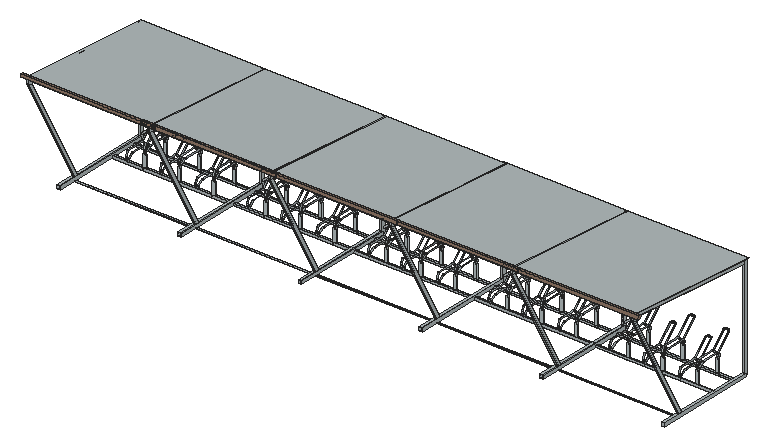
Revit family "Borås 30 Places", category Furniture, Revit 2020 (continued)
Forms (mm)
  Extrusion 134, solid, material "Hags - Steel - Galvanized" <- "Construction material"
    sketch origin (-6910.99, 2579.408, 0) x (0, 1, 0) y (0, 0, 1)
      loop
        line (-2462.806, 1904.911) -> (-2512.806, 1904.911) -> (-2512.806, 1804.027) -> (-2462.806, 1804.027) -> (-2462.806, 1904.911)
    from 0 to 35
  Extrusion 135, solid, material "Hags - Steel - Galvanized" <- "Construction material"
    sketch origin (-6910.99, 2579.408, 0) x (0, 1, 0) y (0, 0, 1)
      loop
        line (-2462.806, 1804.027) -> (-2512.806, 1804.027) -> (-1580.173, 50) -> (-1530.173, 50) -> (-1534.159, 57.495) -> (-2462.806, 1804.027)
    from 0 to 32
  Extrusion 136, solid, material "Hags - Steel - Galvanized" <- "Construction material"
    sketch origin (-6926.615, 2579.408, 0) x (0, 1, 0) y (0, 0, 1)
      loop
        line (-234.965, 50) -> (-1884.965, 50) -> (-1884.965, 0) -> (-234.965, 0) -> (-234.965, 50)
    from 0 to 43.755
  Extrusion 137, solid, material "Hags - Steel - Galvanized" <- "Construction material"
    sketch origin (-6926.615, 2384.408, 0) x (1, 0, 0) y (0, 0, 1)
      loop
        line (1995.745, 1698.705) -> (48.562, 1698.705) -> (48.562, 1664.079) -> (1995.745, 1664.079) -> (1995.745, 1698.705)
    from 0 to 32
  Extrusion 138, solid, material "Hags - Steel - Galvanized" <- "Construction material"
    sketch origin (-6924.433, 109.408, 195.46) x (1, 0, 0) y (0, 0, 1)
      loop
        line (1995.745, 1698.705) -> (48.562, 1698.705) -> (48.562, 1664.079) -> (1995.745, 1664.079) -> (1995.745, 1698.705)
    from 0 to 38
  Extrusion 139, solid, material "Hags - Steel - Galvanized" <- "Construction material"
    sketch origin (-6926.615, 2384.408, 0) x (1, 0, 0) y (0, 0, 1)
      loop
        line (48.25, 73.319) -> (1994.904, 1618.13) -> (1994.904, 1650.001) -> (48.25, 103.265) -> (48.25, 73.319)
    from 0 to 32
  Extrusion 140, solid, material "Hags - Steel - Galvanized" <- "Construction material"
    sketch origin (-6926.615, 2579.408, 0) x (1, 0, 0) y (0, 1, 0)
      loop
        line (567.382, -415.587) -> (568.066, -416.141) -> (595.442, -389.704) -> (622.846, -415.88) -> (623.948, -415.585) -> (595.666, -387.302) -> (567.382, -415.587)
    from 0 to 245
  Extrusion 141, solid, material "Hags - Steel - Galvanized" <- "Construction material"
    sketch origin (-6363.802, 2579.408, 0) x (1, 0, 0) y (0, 1, 0)
      loop
        line (567.382, -415.587) -> (568.066, -416.141) -> (595.442, -389.704) -> (622.846, -415.88) -> (623.948, -415.585) -> (595.666, -387.302) -> (567.382, -415.587)
    from 0 to 245
  Extrusion 142, solid, material "Hags - Steel - Galvanized" <- "Construction material"
    sketch origin (-5797.986, 2579.408, 0) x (1, 0, 0) y (0, 1, 0)
      loop
        line (567.382, -415.587) -> (568.066, -416.141) -> (595.442, -389.704) -> (622.846, -415.88) -> (623.948, -415.585) -> (595.666, -387.302) -> (567.382, -415.587)
    from 0 to 245
  Extrusion 143, solid, material "Hags - Steel - Galvanized" <- "Construction material"
    sketch origin (-6926.615, 2578.158, 0) x (1, 0, 0) y (0, 1, 0)
      loop
        line (48.562, -384.793) -> (48.562, -416.074) -> (1993.755, -416.074) -> (1993.755, -384.793) -> (48.562, -384.793)
    from 0 to 30
  Extrusion 144, solid, material "Hags - Steel - Galvanized" <- "Construction material"
    sketch origin (-6926.615, 2579.408, 0) x (1, 0, 0) y (0, 1, 0)
      loop
        line (46.821, -836.074) -> (1993.755, -836.074) -> (1993.755, -806.074) -> (46.821, -806.074) -> (46.821, -836.074)
    from 0 to 40
  Extrusion 145, solid, material "Hags - Steel - Galvanized" <- "Construction material"
    sketch origin (-6931.808, 1805.033, 2.5) x (1, 0, 0) y (0, 1, 0)
      loop
        line (48.948, -836.074) -> (1998.948, -836.074) -> (1998.948, -806.074) -> (48.948, -806.074) -> (48.948, -836.074)
    from 0 to 6
  Sweep 146, solid, material "Hags - Steel - Galvanized" <- "Body material"
    path origin (-6290.31, 2583.549, -230.474) x (0, 1, 0) y (-0.309017, 0, 0.951057)
      loop
        line (-820.886, 0) -> (-820.886, 55.905) -> (-820.886, 59.124) -> (-819.965, 62.137) -> (-770.078, 125.99) -> (-766.002, 127.89) -> (-465.186, 127.89) -> (-461.094, 126.401) -> (-410.881, 58.199) -> (-410.115, 55.342) -> (-410.115, 0)
    profile origin (-6298.947, 1762.663, -203.89) x (0, -1, 0) y (0.951057, 0, 0.309017)
      loop
        circle (0, 840.487) r 6.5
  Sweep 147, solid, material "Hags - Steel - Galvanized" <- "Body material"
    path origin (-4681.413, 2583.549, -216.428) x (0, 1, 0) y (-0.292373, 0, -0.956304)
      loop
        line (-820.886, 0) -> (-820.886, -55.905) -> (-820.886, -59.124) -> (-819.965, -62.137) -> (-770.078, -125.99) -> (-766.002, -127.89) -> (-465.186, -127.89) -> (-461.094, -126.401) -> (-410.881, -58.199) -> (-410.115, -55.342) -> (-410.115, 0)
    profile origin (-4673.241, 1762.663, -189.697) x (0, 1, 0) y (-0.956304, 0, 0.292373)
      loop
        circle (0, 840.487) r 6.5
  Sweep 148, solid, material "Hags - Steel - Galvanized" <- "Body material"
    path origin (-6370.487, 2090.782, 123.616) x (1, 0, 0) y (0, 0.707107, 0.707107)
      loop
        line (839.702, 42.921) -> (839.702, 340.837) -> (840.265, 347.267) -> (843.228, 353.621) -> (847.934, 360.598) -> (855.705, 366.891) -> (865.691, 370.724) -> (877.383, 372.786) -> (881.238, 372.786) -> (892.864, 371.768) -> (903.629, 368.682) -> (914.205, 361.548) -> (920.498, 353.776) -> (923.074, 342.622) -> (923.074, 42.921)
    profile origin (-5530.785, 2226.462, 259.295) x (-1, 0, 0) y (0, -0.707107, 0.707107)
      loop
        circle (0, 0) r 6.547
  Sweep 149, solid, material "Hags - Steel - Galvanized" <- "Body material"
    path origin (-6875.31, 2583.549, -230.474) x (0, 1, 0) y (-0.309017, 0, 0.951057)
      loop
        line (-820.886, 0) -> (-820.886, 55.905) -> (-820.886, 59.124) -> (-819.965, 62.137) -> (-770.078, 125.99) -> (-766.002, 127.89) -> (-465.186, 127.89) -> (-461.094, 126.401) -> (-410.881, 58.199) -> (-410.115, 55.342) -> (-410.115, 0)
    profile origin (-6883.947, 1762.663, -203.89) x (0, -1, 0) y (0.951057, 0, 0.309017)
      loop
        circle (0, 840.487) r 6.5
  Sweep 150, solid, material "Hags - Steel - Galvanized" <- "Body material"
    path origin (-5266.413, 2583.549, -216.428) x (0, 1, 0) y (-0.292373, 0, -0.956304)
      loop
        line (-820.886, 0) -> (-820.886, -55.905) -> (-820.886, -59.124) -> (-819.965, -62.137) -> (-770.078, -125.99) -> (-766.002, -127.89) -> (-465.186, -127.89) -> (-461.094, -126.401) -> (-410.881, -58.199) -> (-410.115, -55.342) -> (-410.115, 0)
    profile origin (-5258.241, 1762.663, -189.697) x (0, 1, 0) y (-0.956304, 0, 0.292373)
      loop
        circle (0, 840.487) r 6.5
  Sweep 151, solid, material "Hags - Steel - Galvanized" <- "Body material"
    path origin (-6955.487, 2090.782, 123.616) x (1, 0, 0) y (0, 0.707107, 0.707107)
      loop
        line (839.702, 42.921) -> (839.702, 340.837) -> (840.265, 347.267) -> (843.228, 353.621) -> (847.934, 360.598) -> (855.705, 366.891) -> (865.691, 370.724) -> (877.383, 372.786) -> (881.238, 372.786) -> (892.864, 371.768) -> (903.629, 368.682) -> (914.205, 361.548) -> (920.498, 353.776) -> (923.074, 342.622) -> (923.074, 42.921)
    profile origin (-6115.785, 2226.462, 259.295) x (-1, 0, 0) y (0, -0.707107, 0.707107)
      loop
        circle (0, 0) r 6.547
  Sweep 152, solid, material "Hags - Steel - Galvanized" <- "Body material"
    path origin (-7425.31, 2583.549, -230.474) x (0, 1, 0) y (-0.309017, 0, 0.951057)
      loop
        line (-820.886, 0) -> (-820.886, 55.905) -> (-820.886, 59.124) -> (-819.965, 62.137) -> (-770.078, 125.99) -> (-766.002, 127.89) -> (-465.186, 127.89) -> (-461.094, 126.401) -> (-410.881, 58.199) -> (-410.115, 55.342) -> (-410.115, 0)
    profile origin (-7433.947, 1762.663, -203.89) x (0, -1, 0) y (0.951057, 0, 0.309017)
      loop
        circle (0, 840.487) r 6.5
  Sweep 153, solid, material "Hags - Steel - Galvanized" <- "Body material"
    path origin (-5816.413, 2583.549, -216.428) x (0, 1, 0) y (-0.292373, 0, -0.956304)
      loop
        line (-820.886, 0) -> (-820.886, -55.905) -> (-820.886, -59.124) -> (-819.965, -62.137) -> (-770.078, -125.99) -> (-766.002, -127.89) -> (-465.186, -127.89) -> (-461.094, -126.401) -> (-410.881, -58.199) -> (-410.115, -55.342) -> (-410.115, 0)
    profile origin (-5808.241, 1762.663, -189.697) x (0, 1, 0) y (-0.956304, 0, 0.292373)
      loop
        circle (0, 840.487) r 6.5
  Sweep 154, solid, material "Hags - Steel - Galvanized" <- "Body material"
    path origin (-7505.487, 2090.782, 123.616) x (1, 0, 0) y (0, 0.707107, 0.707107)
      loop
        line (839.702, 42.921) -> (839.702, 340.837) -> (840.265, 347.267) -> (843.228, 353.621) -> (847.934, 360.598) -> (855.705, 366.891) -> (865.691, 370.724) -> (877.383, 372.786) -> (881.238, 372.786) -> (892.864, 371.768) -> (903.629, 368.682) -> (914.205, 361.548) -> (920.498, 353.776) -> (923.074, 342.622) -> (923.074, 42.921)
    profile origin (-6665.785, 2226.462, 259.295) x (-1, 0, 0) y (0, -0.707107, 0.707107)
      loop
        circle (0, 0) r 6.547
  Sweep 155, solid, material "Hags - Steel - Galvanized" <- "Body material"
    path origin (-6002.66, 2583.549, -20.216) x (0, 1, 0) y (-0.309017, 0, 0.951057)
      loop
        line (-820.886, 0) -> (-820.886, 55.905) -> (-820.886, 59.124) -> (-819.965, 62.137) -> (-770.078, 125.99) -> (-766.002, 127.89) -> (-465.186, 127.89) -> (-461.094, 126.401) -> (-410.881, 58.199) -> (-410.115, 55.342) -> (-410.115, 0)
    profile origin (-6011.298, 1762.663, 6.368) x (0, -1, 0) y (0.951057, 0, 0.309017)
      loop
        circle (0, 840.487) r 6.5
  Sweep 156, solid, material "Hags - Steel - Galvanized" <- "Body material"
    path origin (-4393.764, 2583.549, -6.17) x (0, 1, 0) y (-0.292373, 0, -0.956304)
      loop
        line (-820.886, 0) -> (-820.886, -55.905) -> (-820.886, -59.124) -> (-819.965, -62.137) -> (-770.078, -125.99) -> (-766.002, -127.89) -> (-465.186, -127.89) -> (-461.094, -126.401) -> (-410.881, -58.199) -> (-410.115, -55.342) -> (-410.115, 0)
    profile origin (-4385.591, 1762.663, 20.561) x (0, 1, 0) y (-0.956304, 0, 0.292373)
      loop
        circle (0, 840.487) r 6.5
  Sweep 157, solid, material "Hags - Steel - Galvanized" <- "Body material"
    path origin (-6082.838, 2090.782, 333.874) x (1, 0, 0) y (0, 0.707107, 0.707107)
      loop
        line (839.702, 42.921) -> (839.702, 340.837) -> (840.265, 347.267) -> (843.228, 353.621) -> (847.934, 360.598) -> (855.705, 366.891) -> (865.691, 370.724) -> (877.383, 372.786) -> (881.238, 372.786) -> (892.864, 371.768) -> (903.629, 368.682) -> (914.205, 361.548) -> (920.498, 353.776) -> (923.074, 342.622) -> (923.074, 42.921)
    profile origin (-5243.136, 2226.462, 469.553) x (-1, 0, 0) y (0, -0.707107, 0.707107)
      loop
        circle (0, 0) r 6.547
  Extrusion 158, solid, material "Hags - Steel - Galvanized" <- "Construction material"
    sketch origin (-5797.986, 2165.658, 0) x (1, 0, 0) y (0, 1, 0)
      loop
        line (567.382, -415.587) -> (568.066, -416.141) -> (595.442, -389.704) -> (622.846, -415.88) -> (623.948, -415.585) -> (595.666, -387.302) -> (567.382, -415.587)
    from 0 to 245
  Sweep 159, solid, material "Hags - Steel - Galvanized" <- "Body material"
    path origin (-6567.66, 2583.549, -20.216) x (0, 1, 0) y (-0.309017, 0, 0.951057)
      loop
        line (-820.886, 0) -> (-820.886, 55.905) -> (-820.886, 59.124) -> (-819.965, 62.137) -> (-770.078, 125.99) -> (-766.002, 127.89) -> (-465.186, 127.89) -> (-461.094, 126.401) -> (-410.881, 58.199) -> (-410.115, 55.342) -> (-410.115, 0)
    profile origin (-6576.298, 1762.663, 6.368) x (0, -1, 0) y (0.951057, 0, 0.309017)
      loop
        circle (0, 840.487) r 6.5
  Sweep 160, solid, material "Hags - Steel - Galvanized" <- "Body material"
    path origin (-4958.764, 2583.549, -6.17) x (0, 1, 0) y (-0.292373, 0, -0.956304)
      loop
        line (-820.886, 0) -> (-820.886, -55.905) -> (-820.886, -59.124) -> (-819.965, -62.137) -> (-770.078, -125.99) -> (-766.002, -127.89) -> (-465.186, -127.89) -> (-461.094, -126.401) -> (-410.881, -58.199) -> (-410.115, -55.342) -> (-410.115, 0)
    profile origin (-4950.591, 1762.663, 20.561) x (0, 1, 0) y (-0.956304, 0, 0.292373)
      loop
        circle (0, 840.487) r 6.5
  Sweep 161, solid, material "Hags - Steel - Galvanized" <- "Body material"
    path origin (-6647.838, 2090.782, 333.874) x (1, 0, 0) y (0, 0.707107, 0.707107)
      loop
        line (839.702, 42.921) -> (839.702, 340.837) -> (840.265, 347.267) -> (843.228, 353.621) -> (847.934, 360.598) -> (855.705, 366.891) -> (865.691, 370.724) -> (877.383, 372.786) -> (881.238, 372.786) -> (892.864, 371.768) -> (903.629, 368.682) -> (914.205, 361.548) -> (920.498, 353.776) -> (923.074, 342.622) -> (923.074, 42.921)
    profile origin (-5808.136, 2226.462, 469.553) x (-1, 0, 0) y (0, -0.707107, 0.707107)
      loop
        circle (0, 0) r 6.547
  Extrusion 162, solid, material "Hags - Steel - Galvanized" <- "Construction material"
    sketch origin (-6362.986, 2165.658, 0) x (1, 0, 0) y (0, 1, 0)
      loop
        line (567.382, -415.587) -> (568.066, -416.141) -> (595.442, -389.704) -> (622.846, -415.88) -> (623.948, -415.585) -> (595.666, -387.302) -> (567.382, -415.587)
    from 0 to 245
  Sweep 163, solid, material "Hags - Steel - Galvanized" <- "Body material"
    path origin (-7131.41, 2583.549, -20.216) x (0, 1, 0) y (-0.309017, 0, 0.951057)
      loop
        line (-820.886, 0) -> (-820.886, 55.905) -> (-820.886, 59.124) -> (-819.965, 62.137) -> (-770.078, 125.99) -> (-766.002, 127.89) -> (-465.186, 127.89) -> (-461.094, 126.401) -> (-410.881, 58.199) -> (-410.115, 55.342) -> (-410.115, 0)
    profile origin (-7140.048, 1762.663, 6.368) x (0, -1, 0) y (0.951057, 0, 0.309017)
      loop
        circle (0, 840.487) r 6.5
  Sweep 164, solid, material "Hags - Steel - Galvanized" <- "Body material"
    path origin (-5522.514, 2583.549, -6.17) x (0, 1, 0) y (-0.292373, 0, -0.956304)
      loop
        line (-820.886, 0) -> (-820.886, -55.905) -> (-820.886, -59.124) -> (-819.965, -62.137) -> (-770.078, -125.99) -> (-766.002, -127.89) -> (-465.186, -127.89) -> (-461.094, -126.401) -> (-410.881, -58.199) -> (-410.115, -55.342) -> (-410.115, 0)
    profile origin (-5514.341, 1762.663, 20.561) x (0, 1, 0) y (-0.956304, 0, 0.292373)
      loop
        circle (0, 840.487) r 6.5
  Sweep 165, solid, material "Hags - Steel - Galvanized" <- "Body material"
    path origin (-7211.588, 2090.782, 333.874) x (1, 0, 0) y (0, 0.707107, 0.707107)
      loop
        line (839.702, 42.921) -> (839.702, 340.837) -> (840.265, 347.267) -> (843.228, 353.621) -> (847.934, 360.598) -> (855.705, 366.891) -> (865.691, 370.724) -> (877.383, 372.786) -> (881.238, 372.786) -> (892.864, 371.768) -> (903.629, 368.682) -> (914.205, 361.548) -> (920.498, 353.776) -> (923.074, 342.622) -> (923.074, 42.921)
    profile origin (-6371.886, 2226.462, 469.553) x (-1, 0, 0) y (0, -0.707107, 0.707107)
      loop
        circle (0, 0) r 6.547
  Extrusion 166, solid, material "Hags - Steel - Galvanized" <- "Construction material"
    sketch origin (-6926.736, 2165.658, 0) x (1, 0, 0) y (0, 1, 0)
      loop
        line (567.382, -415.587) -> (568.066, -416.141) -> (595.442, -389.704) -> (622.846, -415.88) -> (623.948, -415.585) -> (595.666, -387.302) -> (567.382, -415.587)
    from 0 to 245
  Extrusion 167, solid, material "Hags - Wood - Bark brown"
    sketch origin (-7001.207, 2592.308, -25) x (0, 1, 0) y (0, 0, 1)
      loop
        line (-2549.63, 1911.391) -> (-2527.825, 1909.1) -> (-2525.404, 1932.128) -> (-2502.617, 1929.733) -> (-2500.3, 1951.774) -> (-2544.893, 1956.461) -> (-2549.63, 1911.391)
    from -1.351 to 2200
  Extrusion 168, solid, material "Hags - Steel - Galvanized" <- "Body material"
    sketch origin (-2246.832, -1732.992, 2066.313) x (1, 0, 0) y (0, 0.996302, -0.085916)
      loop
        line (-4664.158, 1835.544) -> (-2639.158, 1835.544) -> (-2639.158, 4145.544) -> (-4664.158, 4145.544) -> (-4664.158, 1835.544)
    from 0 to 8
  Extrusion 169, solid, material "Hags - Steel - Galvanized" <- "Construction material"
    sketch origin (-6911.302, 2579.408, 0) x (0, 1, 0) y (0, 0, 1)
      loop
        line (-184.965, 0) -> (-184.965, 1710) -> (-234.965, 1710) -> (-234.965, 0) -> (-184.965, 0)
    from 0 to 32
  Extrusion 170, solid, material "Hags - Steel - Galvanized" <- "Construction material"
    sketch origin (-6911.302, 2579.408, 0) x (0, 1, 0) y (0, 0, 1)
      loop
        line (-234.965, 1660) -> (-234.965, 1710) -> (-2462.806, 1904.911) -> (-2462.806, 1854.911) -> (-234.965, 1660)
    from 0 to 32
  Extrusion 171, solid, material "Hags - Steel - Galvanized" <- "Construction material"
    sketch origin (-6911.615, 2579.408, 0) x (0, 1, 0) y (0, 0, 1)
      loop
        line (-2462.806, 1904.911) -> (-2512.806, 1904.911) -> (-2512.806, 1804.027) -> (-2462.806, 1804.027) -> (-2462.806, 1904.911)
    from 0 to 35
  Extrusion 172, solid, material "Hags - Steel - Galvanized" <- "Construction material"
    sketch origin (-6910.99, 2579.408, 0) x (0, 1, 0) y (0, 0, 1)
      loop
        line (-2462.806, 1804.027) -> (-2512.806, 1804.027) -> (-1580.173, 50) -> (-1530.173, 50) -> (-1534.159, 57.495) -> (-2462.806, 1804.027)
    from 0 to 32
  Extrusion 173, solid, material "Hags - Steel - Galvanized" <- "Construction material"
    sketch origin (-6909.933, 2579.408, 0) x (0, 1, 0) y (0, 0, 1)
      loop
        line (-234.965, 50) -> (-1884.965, 50) -> (-1884.965, 0) -> (-234.965, 0) -> (-234.965, 50)
    from 0 to 43.755
  Extrusion 174, solid, material "Hags - Wood - Bark brown"
    sketch origin (-7011.207, 2592.308, -25) x (0, 1, 0) y (0, 0, 1)
      loop
        line (-2549.63, 1911.391) -> (-2527.825, 1909.1) -> (-2525.404, 1932.128) -> (-2502.617, 1929.733) -> (-2500.3, 1951.774) -> (-2544.893, 1956.461) -> (-2549.63, 1911.391)
    from -1.351 to 2200
  Extrusion 175, solid, material "Hags - Steel - Galvanized" <- "Construction material"
    sketch origin (-8890.677, 2579.408, 0) x (0, 1, 0) y (0, 0, 1)
      loop
        line (-184.965, 0) -> (-184.965, 1710) -> (-234.965, 1710) -> (-234.965, 0) -> (-184.965, 0)
    from 0 to 32
  Extrusion 176, solid, material "Hags - Steel - Galvanized" <- "Construction material"
    sketch origin (-8890.677, 2579.408, 0) x (0, 1, 0) y (0, 0, 1)
      loop
        line (-234.965, 1660) -> (-234.965, 1710) -> (-2462.806, 1904.911) -> (-2462.806, 1854.911) -> (-234.965, 1660)
    from 0 to 32
  Extrusion 177, solid, material "Hags - Steel - Galvanized" <- "Construction material"
    sketch origin (-8890.99, 2579.408, 0) x (0, 1, 0) y (0, 0, 1)
      loop
        line (-2462.806, 1904.911) -> (-2512.806, 1904.911) -> (-2512.806, 1804.027) -> (-2462.806, 1804.027) -> (-2462.806, 1904.911)
    from 0 to 35
  Extrusion 178, solid, material "Hags - Steel - Galvanized" <- "Construction material"
    sketch origin (-8890.99, 2579.408, 0) x (0, 1, 0) y (0, 0, 1)
      loop
        line (-2462.806, 1804.027) -> (-2512.806, 1804.027) -> (-1580.173, 50) -> (-1530.173, 50) -> (-1534.159, 57.495) -> (-2462.806, 1804.027)
    from 0 to 32
  Extrusion 179, solid, material "Hags - Steel - Galvanized" <- "Construction material"
    sketch origin (-8906.615, 2579.408, 0) x (0, 1, 0) y (0, 0, 1)
      loop
        line (-234.965, 50) -> (-1884.965, 50) -> (-1884.965, 0) -> (-234.965, 0) -> (-234.965, 50)
    from 0 to 43.755
  Extrusion 180, solid, material "Hags - Steel - Galvanized" <- "Construction material"
    sketch origin (-8906.615, 2384.408, 0) x (1, 0, 0) y (0, 0, 1)
      loop
        line (1995.745, 1698.705) -> (48.562, 1698.705) -> (48.562, 1664.079) -> (1995.745, 1664.079) -> (1995.745, 1698.705)
    from 0 to 32
  Extrusion 181, solid, material "Hags - Steel - Galvanized" <- "Construction material"
    sketch origin (-8904.433, 109.408, 195.46) x (1, 0, 0) y (0, 0, 1)
      loop
        line (1995.745, 1698.705) -> (48.562, 1698.705) -> (48.562, 1664.079) -> (1995.745, 1664.079) -> (1995.745, 1698.705)
    from 0 to 38
  Extrusion 182, solid, material "Hags - Steel - Galvanized" <- "Construction material"
    sketch origin (-8906.615, 2384.408, 0) x (1, 0, 0) y (0, 0, 1)
      loop
        line (48.25, 73.319) -> (1994.904, 1618.13) -> (1994.904, 1650.001) -> (48.25, 103.265) -> (48.25, 73.319)
    from 0 to 32
  Extrusion 183, solid, material "Hags - Steel - Galvanized" <- "Construction material"
    sketch origin (-8906.615, 2579.408, 0) x (1, 0, 0) y (0, 1, 0)
      loop
        line (567.382, -415.587) -> (568.066, -416.141) -> (595.442, -389.704) -> (622.846, -415.88) -> (623.948, -415.585) -> (595.666, -387.302) -> (567.382, -415.587)
    from 0 to 245
  Extrusion 184, solid, material "Hags - Steel - Galvanized" <- "Construction material"
    sketch origin (-8343.802, 2579.408, 0) x (1, 0, 0) y (0, 1, 0)
      loop
        line (567.382, -415.587) -> (568.066, -416.141) -> (595.442, -389.704) -> (622.846, -415.88) -> (623.948, -415.585) -> (595.666, -387.302) -> (567.382, -415.587)
    from 0 to 245
  Extrusion 185, solid, material "Hags - Steel - Galvanized" <- "Construction material"
    sketch origin (-7777.986, 2579.408, 0) x (1, 0, 0) y (0, 1, 0)
      loop
        line (567.382, -415.587) -> (568.066, -416.141) -> (595.442, -389.704) -> (622.846, -415.88) -> (623.948, -415.585) -> (595.666, -387.302) -> (567.382, -415.587)
    from 0 to 245
  Extrusion 186, solid, material "Hags - Steel - Galvanized" <- "Construction material"
    sketch origin (-8906.615, 2578.158, 0) x (1, 0, 0) y (0, 1, 0)
      loop
        line (48.562, -384.793) -> (48.562, -416.074) -> (1993.755, -416.074) -> (1993.755, -384.793) -> (48.562, -384.793)
    from 0 to 30
  Extrusion 187, solid, material "Hags - Steel - Galvanized" <- "Construction material"
    sketch origin (-8906.615, 2579.408, 0) x (1, 0, 0) y (0, 1, 0)
      loop
        line (46.821, -836.074) -> (1993.755, -836.074) -> (1993.755, -806.074) -> (46.821, -806.074) -> (46.821, -836.074)
    from 0 to 40
  Extrusion 188, solid, material "Hags - Steel - Galvanized" <- "Construction material"
    sketch origin (-8911.808, 1805.033, 2.5) x (1, 0, 0) y (0, 1, 0)
      loop
        line (48.948, -836.074) -> (1998.948, -836.074) -> (1998.948, -806.074) -> (48.948, -806.074) -> (48.948, -836.074)
    from 0 to 6
  Sweep 189, solid, material "Hags - Steel - Galvanized" <- "Body material"
    path origin (-8270.31, 2583.549, -230.474) x (0, 1, 0) y (-0.309017, 0, 0.951057)
      loop
        line (-820.886, 0) -> (-820.886, 55.905) -> (-820.886, 59.124) -> (-819.965, 62.137) -> (-770.078, 125.99) -> (-766.002, 127.89) -> (-465.186, 127.89) -> (-461.094, 126.401) -> (-410.881, 58.199) -> (-410.115, 55.342) -> (-410.115, 0)
    profile origin (-8278.947, 1762.663, -203.89) x (0, -1, 0) y (0.951057, 0, 0.309017)
      loop
        circle (0, 840.487) r 6.5
  Sweep 190, solid, material "Hags - Steel - Galvanized" <- "Body material"
    path origin (-6661.413, 2583.549, -216.428) x (0, 1, 0) y (-0.292373, 0, -0.956304)
      loop
        line (-820.886, 0) -> (-820.886, -55.905) -> (-820.886, -59.124) -> (-819.965, -62.137) -> (-770.078, -125.99) -> (-766.002, -127.89) -> (-465.186, -127.89) -> (-461.094, -126.401) -> (-410.881, -58.199) -> (-410.115, -55.342) -> (-410.115, 0)
    profile origin (-6653.241, 1762.663, -189.697) x (0, 1, 0) y (-0.956304, 0, 0.292373)
      loop
        circle (0, 840.487) r 6.5
  Sweep 191, solid, material "Hags - Steel - Galvanized" <- "Body material"
    path origin (-8350.487, 2090.782, 123.616) x (1, 0, 0) y (0, 0.707107, 0.707107)
      loop
        line (839.702, 42.921) -> (839.702, 340.837) -> (840.265, 347.267) -> (843.228, 353.621) -> (847.934, 360.598) -> (855.705, 366.891) -> (865.691, 370.724) -> (877.383, 372.786) -> (881.238, 372.786) -> (892.864, 371.768) -> (903.629, 368.682) -> (914.205, 361.548) -> (920.498, 353.776) -> (923.074, 342.622) -> (923.074, 42.921)
    profile origin (-7510.785, 2226.462, 259.295) x (-1, 0, 0) y (0, -0.707107, 0.707107)
      loop
        circle (0, 0) r 6.547
  Sweep 192, solid, material "Hags - Steel - Galvanized" <- "Body material"
    path origin (-8855.31, 2583.549, -230.474) x (0, 1, 0) y (-0.309017, 0, 0.951057)
      loop
        line (-820.886, 0) -> (-820.886, 55.905) -> (-820.886, 59.124) -> (-819.965, 62.137) -> (-770.078, 125.99) -> (-766.002, 127.89) -> (-465.186, 127.89) -> (-461.094, 126.401) -> (-410.881, 58.199) -> (-410.115, 55.342) -> (-410.115, 0)
    profile origin (-8863.947, 1762.663, -203.89) x (0, -1, 0) y (0.951057, 0, 0.309017)
      loop
        circle (0, 840.487) r 6.5
  Sweep 193, solid, material "Hags - Steel - Galvanized" <- "Body material"
    path origin (-7246.413, 2583.549, -216.428) x (0, 1, 0) y (-0.292373, 0, -0.956304)
      loop
        line (-820.886, 0) -> (-820.886, -55.905) -> (-820.886, -59.124) -> (-819.965, -62.137) -> (-770.078, -125.99) -> (-766.002, -127.89) -> (-465.186, -127.89) -> (-461.094, -126.401) -> (-410.881, -58.199) -> (-410.115, -55.342) -> (-410.115, 0)
    profile origin (-7238.241, 1762.663, -189.697) x (0, 1, 0) y (-0.956304, 0, 0.292373)
      loop
        circle (0, 840.487) r 6.5
  Sweep 194, solid, material "Hags - Steel - Galvanized" <- "Body material"
    path origin (-8935.487, 2090.782, 123.616) x (1, 0, 0) y (0, 0.707107, 0.707107)
      loop
        line (839.702, 42.921) -> (839.702, 340.837) -> (840.265, 347.267) -> (843.228, 353.621) -> (847.934, 360.598) -> (855.705, 366.891) -> (865.691, 370.724) -> (877.383, 372.786) -> (881.238, 372.786) -> (892.864, 371.768) -> (903.629, 368.682) -> (914.205, 361.548) -> (920.498, 353.776) -> (923.074, 342.622) -> (923.074, 42.921)
    profile origin (-8095.785, 2226.462, 259.295) x (-1, 0, 0) y (0, -0.707107, 0.707107)
      loop
        circle (0, 0) r 6.547
  Sweep 195, solid, material "Hags - Steel - Galvanized" <- "Body material"
    path origin (-9405.31, 2583.549, -230.474) x (0, 1, 0) y (-0.309017, 0, 0.951057)
      loop
        line (-820.886, 0) -> (-820.886, 55.905) -> (-820.886, 59.124) -> (-819.965, 62.137) -> (-770.078, 125.99) -> (-766.002, 127.89) -> (-465.186, 127.89) -> (-461.094, 126.401) -> (-410.881, 58.199) -> (-410.115, 55.342) -> (-410.115, 0)
    profile origin (-9413.947, 1762.663, -203.89) x (0, -1, 0) y (0.951057, 0, 0.309017)
      loop
        circle (0, 840.487) r 6.5
  Sweep 196, solid, material "Hags - Steel - Galvanized" <- "Body material"
    path origin (-7796.413, 2583.549, -216.428) x (0, 1, 0) y (-0.292373, 0, -0.956304)
      loop
        line (-820.886, 0) -> (-820.886, -55.905) -> (-820.886, -59.124) -> (-819.965, -62.137) -> (-770.078, -125.99) -> (-766.002, -127.89) -> (-465.186, -127.89) -> (-461.094, -126.401) -> (-410.881, -58.199) -> (-410.115, -55.342) -> (-410.115, 0)
    profile origin (-7788.241, 1762.663, -189.697) x (0, 1, 0) y (-0.956304, 0, 0.292373)
      loop
        circle (0, 840.487) r 6.5
  Sweep 197, solid, material "Hags - Steel - Galvanized" <- "Body material"
    path origin (-9485.487, 2090.782, 123.616) x (1, 0, 0) y (0, 0.707107, 0.707107)
      loop
        line (839.702, 42.921) -> (839.702, 340.837) -> (840.265, 347.267) -> (843.228, 353.621) -> (847.934, 360.598) -> (855.705, 366.891) -> (865.691, 370.724) -> (877.383, 372.786) -> (881.238, 372.786) -> (892.864, 371.768) -> (903.629, 368.682) -> (914.205, 361.548) -> (920.498, 353.776) -> (923.074, 342.622) -> (923.074, 42.921)
    profile origin (-8645.785, 2226.462, 259.295) x (-1, 0, 0) y (0, -0.707107, 0.707107)
      loop
        circle (0, 0) r 6.547
  Sweep 198, solid, material "Hags - Steel - Galvanized" <- "Body material"
    path origin (-7982.66, 2583.549, -20.216) x (0, 1, 0) y (-0.309017, 0, 0.951057)
      loop
        line (-820.886, 0) -> (-820.886, 55.905) -> (-820.886, 59.124) -> (-819.965, 62.137) -> (-770.078, 125.99) -> (-766.002, 127.89) -> (-465.186, 127.89) -> (-461.094, 126.401) -> (-410.881, 58.199) -> (-410.115, 55.342) -> (-410.115, 0)
    profile origin (-7991.298, 1762.663, 6.368) x (0, -1, 0) y (0.951057, 0, 0.309017)
      loop
        circle (0, 840.487) r 6.5
  Sweep 199, solid, material "Hags - Steel - Galvanized" <- "Body material"
    path origin (-6373.764, 2583.549, -6.17) x (0, 1, 0) y (-0.292373, 0, -0.956304)
      loop
        line (-820.886, 0) -> (-820.886, -55.905) -> (-820.886, -59.124) -> (-819.965, -62.137) -> (-770.078, -125.99) -> (-766.002, -127.89) -> (-465.186, -127.89) -> (-461.094, -126.401) -> (-410.881, -58.199) -> (-410.115, -55.342) -> (-410.115, 0)
    profile origin (-6365.591, 1762.663, 20.561) x (0, 1, 0) y (-0.956304, 0, 0.292373)
      loop
        circle (0, 840.487) r 6.5
  Sweep 200, solid, material "Hags - Steel - Galvanized" <- "Body material"
    path origin (-8062.838, 2090.782, 333.874) x (1, 0, 0) y (0, 0.707107, 0.707107)
      loop
        line (839.702, 42.921) -> (839.702, 340.837) -> (840.265, 347.267) -> (843.228, 353.621) -> (847.934, 360.598) -> (855.705, 366.891) -> (865.691, 370.724) -> (877.383, 372.786) -> (881.238, 372.786) -> (892.864, 371.768) -> (903.629, 368.682) -> (914.205, 361.548) -> (920.498, 353.776) -> (923.074, 342.622) -> (923.074, 42.921)
    profile origin (-7223.136, 2226.462, 469.553) x (-1, 0, 0) y (0, -0.707107, 0.707107)
      loop
        circle (0, 0) r 6.547
  Extrusion 201, solid, material "Hags - Steel - Galvanized" <- "Construction material"
    sketch origin (-7777.986, 2165.658, 0) x (1, 0, 0) y (0, 1, 0)
      loop
        line (567.382, -415.587) -> (568.066, -416.141) -> (595.442, -389.704) -> (622.846, -415.88) -> (623.948, -415.585) -> (595.666, -387.302) -> (567.382, -415.587)
    from 0 to 245
  Sweep 202, solid, material "Hags - Steel - Galvanized" <- "Body material"
    path origin (-8547.66, 2583.549, -20.216) x (0, 1, 0) y (-0.309017, 0, 0.951057)
      loop
        line (-820.886, 0) -> (-820.886, 55.905) -> (-820.886, 59.124) -> (-819.965, 62.137) -> (-770.078, 125.99) -> (-766.002, 127.89) -> (-465.186, 127.89) -> (-461.094, 126.401) -> (-410.881, 58.199) -> (-410.115, 55.342) -> (-410.115, 0)
    profile origin (-8556.298, 1762.663, 6.368) x (0, -1, 0) y (0.951057, 0, 0.309017)
      loop
        circle (0, 840.487) r 6.5
  Sweep 203, solid, material "Hags - Steel - Galvanized" <- "Body material"
    path origin (-6938.764, 2583.549, -6.17) x (0, 1, 0) y (-0.292373, 0, -0.956304)
      loop
        line (-820.886, 0) -> (-820.886, -55.905) -> (-820.886, -59.124) -> (-819.965, -62.137) -> (-770.078, -125.99) -> (-766.002, -127.89) -> (-465.186, -127.89) -> (-461.094, -126.401) -> (-410.881, -58.199) -> (-410.115, -55.342) -> (-410.115, 0)
    profile origin (-6930.591, 1762.663, 20.561) x (0, 1, 0) y (-0.956304, 0, 0.292373)
      loop
        circle (0, 840.487) r 6.5
  Sweep 204, solid, material "Hags - Steel - Galvanized" <- "Body material"
    path origin (-8627.838, 2090.782, 333.874) x (1, 0, 0) y (0, 0.707107, 0.707107)
      loop
        line (839.702, 42.921) -> (839.702, 340.837) -> (840.265, 347.267) -> (843.228, 353.621) -> (847.934, 360.598) -> (855.705, 366.891) -> (865.691, 370.724) -> (877.383, 372.786) -> (881.238, 372.786) -> (892.864, 371.768) -> (903.629, 368.682) -> (914.205, 361.548) -> (920.498, 353.776) -> (923.074, 342.622) -> (923.074, 42.921)
    profile origin (-7788.136, 2226.462, 469.553) x (-1, 0, 0) y (0, -0.707107, 0.707107)
      loop
        circle (0, 0) r 6.547
  Extrusion 205, solid, material "Hags - Steel - Galvanized" <- "Construction material"
    sketch origin (-8342.986, 2165.658, 0) x (1, 0, 0) y (0, 1, 0)
      loop
        line (567.382, -415.587) -> (568.066, -416.141) -> (595.442, -389.704) -> (622.846, -415.88) -> (623.948, -415.585) -> (595.666, -387.302) -> (567.382, -415.587)
    from 0 to 245
  Sweep 206, solid, material "Hags - Steel - Galvanized" <- "Body material"
    path origin (-9111.41, 2583.549, -20.216) x (0, 1, 0) y (-0.309017, 0, 0.951057)
      loop
        line (-820.886, 0) -> (-820.886, 55.905) -> (-820.886, 59.124) -> (-819.965, 62.137) -> (-770.078, 125.99) -> (-766.002, 127.89) -> (-465.186, 127.89) -> (-461.094, 126.401) -> (-410.881, 58.199) -> (-410.115, 55.342) -> (-410.115, 0)
    profile origin (-9120.048, 1762.663, 6.368) x (0, -1, 0) y (0.951057, 0, 0.309017)
      loop
        circle (0, 840.487) r 6.5
  Sweep 207, solid, material "Hags - Steel - Galvanized" <- "Body material"
    path origin (-7502.514, 2583.549, -6.17) x (0, 1, 0) y (-0.292373, 0, -0.956304)
      loop
        line (-820.886, 0) -> (-820.886, -55.905) -> (-820.886, -59.124) -> (-819.965, -62.137) -> (-770.078, -125.99) -> (-766.002, -127.89) -> (-465.186, -127.89) -> (-461.094, -126.401) -> (-410.881, -58.199) -> (-410.115, -55.342) -> (-410.115, 0)
    profile origin (-7494.341, 1762.663, 20.561) x (0, 1, 0) y (-0.956304, 0, 0.292373)
      loop
        circle (0, 840.487) r 6.5
  Sweep 208, solid, material "Hags - Steel - Galvanized" <- "Body material"
    path origin (-9191.588, 2090.782, 333.874) x (1, 0, 0) y (0, 0.707107, 0.707107)
      loop
        line (839.702, 42.921) -> (839.702, 340.837) -> (840.265, 347.267) -> (843.228, 353.621) -> (847.934, 360.598) -> (855.705, 366.891) -> (865.691, 370.724) -> (877.383, 372.786) -> (881.238, 372.786) -> (892.864, 371.768) -> (903.629, 368.682) -> (914.205, 361.548) -> (920.498, 353.776) -> (923.074, 342.622) -> (923.074, 42.921)
    profile origin (-8351.886, 2226.462, 469.553) x (-1, 0, 0) y (0, -0.707107, 0.707107)
      loop
        circle (0, 0) r 6.547
  Extrusion 209, solid, material "Hags - Steel - Galvanized" <- "Construction material"
    sketch origin (-8906.736, 2165.658, 0) x (1, 0, 0) y (0, 1, 0)
      loop
        line (567.382, -415.587) -> (568.066, -416.141) -> (595.442, -389.704) -> (622.846, -415.88) -> (623.948, -415.585) -> (595.666, -387.302) -> (567.382, -415.587)
    from 0 to 245
  Extrusion 210, solid, material "Hags - Wood - Bark brown"
    sketch origin (-8981.207, 2592.308, -25) x (0, 1, 0) y (0, 0, 1)
      loop
        line (-2549.63, 1911.391) -> (-2527.825, 1909.1) -> (-2525.404, 1932.128) -> (-2502.617, 1929.733) -> (-2500.3, 1951.774) -> (-2544.893, 1956.461) -> (-2549.63, 1911.391)
    from -1.351 to 2200
  Extrusion 211, solid, material "Hags - Steel - Galvanized" <- "Body material"
    sketch origin (-4226.832, -1732.992, 2066.313) x (1, 0, 0) y (0, 0.996302, -0.085916)
      loop
        line (-4664.158, 1835.544) -> (-2639.158, 1835.544) -> (-2639.158, 4145.544) -> (-4664.158, 4145.544) -> (-4664.158, 1835.544)
    from 0 to 8
  Extrusion 212, solid, material "Hags - Steel - Galvanized" <- "Construction material"
    sketch origin (-8891.302, 2579.408, 0) x (0, 1, 0) y (0, 0, 1)
      loop
        line (-184.965, 0) -> (-184.965, 1710) -> (-234.965, 1710) -> (-234.965, 0) -> (-184.965, 0)
    from 0 to 32
  Extrusion 213, solid, material "Hags - Steel - Galvanized" <- "Construction material"
    sketch origin (-8891.302, 2579.408, 0) x (0, 1, 0) y (0, 0, 1)
      loop
        line (-234.965, 1660) -> (-234.965, 1710) -> (-2462.806, 1904.911) -> (-2462.806, 1854.911) -> (-234.965, 1660)
    from 0 to 32
  Extrusion 214, solid, material "Hags - Steel - Galvanized" <- "Construction material"
    sketch origin (-8891.615, 2579.408, 0) x (0, 1, 0) y (0, 0, 1)
      loop
        line (-2462.806, 1904.911) -> (-2512.806, 1904.911) -> (-2512.806, 1804.027) -> (-2462.806, 1804.027) -> (-2462.806, 1904.911)
    from 0 to 35
  Extrusion 215, solid, material "Hags - Steel - Galvanized" <- "Construction material"
    sketch origin (-8890.99, 2579.408, 0) x (0, 1, 0) y (0, 0, 1)
      loop
        line (-2462.806, 1804.027) -> (-2512.806, 1804.027) -> (-1580.173, 50) -> (-1530.173, 50) -> (-1534.159, 57.495) -> (-2462.806, 1804.027)
    from 0 to 32
  Extrusion 216, solid, material "Hags - Steel - Galvanized" <- "Construction material"
    sketch origin (-8889.933, 2579.408, 0) x (0, 1, 0) y (0, 0, 1)
      loop
        line (-234.965, 50) -> (-1884.965, 50) -> (-1884.965, 0) -> (-234.965, 0) -> (-234.965, 50)
    from 0 to 43.755
Dimensions and locks
  aligned and locked: level to plane 2
